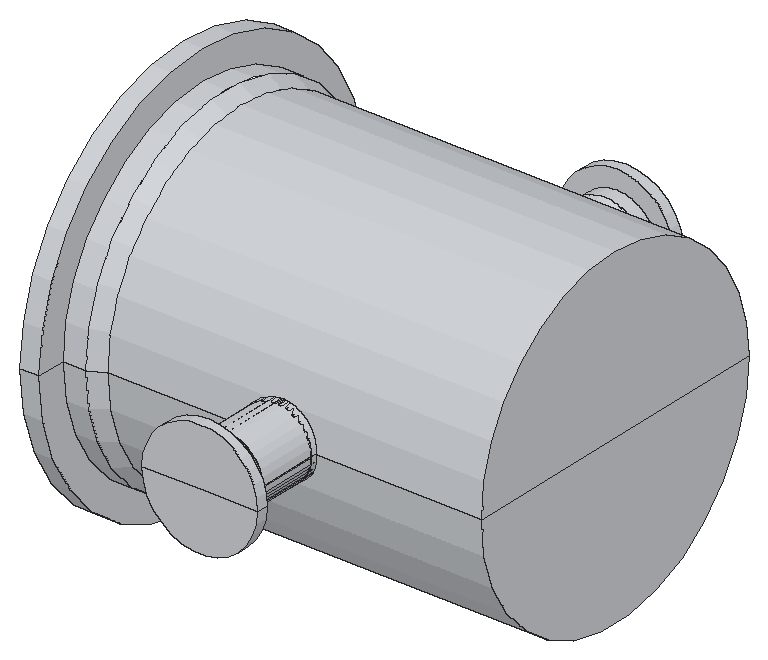
Revit family "2a3890fcba31472dbafee6d8abdcc96d", category Pipe Fittings, Revit 2021
Family settings
  Round Connector Dimension = Use Radius
  Part Type = Cross
  OmniClass Number = 23.60.30.11.14
  OmniClass Title = Pipework Fittings
  Seek Item ID = Tee - PVC - Sch 40-0000-USA-ENU
  Work Plane-Based = No
  Always vertical = Yes
  Cut with Voids When Loaded = No
  Shared = No
Parameters (values of type "Standard")
  Visibility 1 [instance] = and(Angle 1 = 90.00°, Angle 2 = 90.00°)  # yes
  Tick Size 3 [instance] = Fitting Outside Diameter 3 * 0.4  # 2.7600"
  Tick Size 2 [instance] = Fitting Outside Diameter 2 * 0.4  # 2.7600"
  Tick Size 1 [instance] = Fitting Outside Diameter 1 * 0.4  # 12.8000"
  Socket Outside Radius 3 [instance] = Socket Outside Diameter 3 / 2  # 3.8000"
  Socket Outside Radius 2 [instance] = Socket Outside Diameter 2 / 2  # 3.8000"
  Socket Outside Radius 1 [instance] = Socket Outside Diameter 1 / 2  # 16.7500"
  Socket Outside Diameter 3 [instance] = size_lookup(Lookup Table Name, "SOD", 1.08 * Nominal Diameter 3 + 1.1300", Nominal Diameter 3)  # 7.6000"
  Socket Outside Diameter 1 [instance] = size_lookup(Lookup Table Name, "SOD", 1.08 * Nominal Diameter 1 + 1.1300", Nominal Diameter 1)  # 33.5000"
  Socket Outside Diameter 2 [instance] = size_lookup(Lookup Table Name, "SOD", 1.08 * Nominal Diameter 2 + 1.1300", Nominal Diameter 2)  # 7.6000"
  Socket Depth 3 [instance] = if(Nominal Diameter 3 < 14.0000", 2.5000", if(Nominal Diameter 2 < 30.0000", 3.5000", 4.0000"))  # 2.5000"
  Socket Depth 2 [instance] = if(Nominal Diameter 2 < 14.0000", 2.5000", if(Nominal Diameter 2 < 30.0000", 3.5000", 4.0000"))  # 2.5000"
  Socket Depth 1 [instance] = if(Nominal Diameter 1 < 14.0000", 2.5000", if(Nominal Diameter 1 < 30.0000", 3.5000", 4.0000"))  # 4.0000"
  Nominal Radius 3 [instance] = 3.0000"
  Nominal Radius 2 [instance] = 3.0000"
  Nominal Diameter 3 [instance] = Nominal Radius 3 * 2  # 6.0000"
  Nominal Diameter 2 [instance] = Nominal Radius 2 * 2  # 6.0000"
  Min Nominal Diameter 23 [instance] = if(Nominal Diameter 2 < Nominal Diameter 3, Nominal Diameter 2, Nominal Diameter 3)  # 6.0000"
  Min Center to Socket Bottom 23 [instance] = if(Center to Socket Bottom 2 < Center to Socket Bottom 3, Center to Socket Bottom 2, Center to Socket Bottom 3)  # 19.3700"
  Max Nominal Diameter 23 [instance] = if(Nominal Diameter 2 > Nominal Diameter 3, Nominal Diameter 2, Nominal Diameter 3)  # 6.0000"
  Max Gland Width 24 [instance] = if(Gland Width 2 > Gland Width 3, Gland Width 2, Gland Width 3)  # 1.0600"
  Max Bevel Length 23 [instance] = if(Bevel Length 2 > Bevel Length 3, Bevel Length 2, Bevel Length 3)  # 0.7000"
  Lookup Table Name = "Cross Reducing - MJ x PE - DI - Class 250"
  Length 2 [instance] = Socket Depth 3 + Bevel Length 3  # 3.2000"
  Length 1 [instance] = Socket Depth 2 + Bevel Length 2  # 3.2000"
  Fitting Outside Radius 3 [instance] = Fitting Outside Diameter 3 / 2  # 3.4500"
  Fitting Outside Radius 2 [instance] = Fitting Outside Diameter 2 / 2  # 3.4500"
  Fitting Outside Radius 1 [instance] = Fitting Outside Diameter 1 / 2  # 16.0000"
  Fitting Outside Diameter 3 [instance] = size_lookup(Lookup Table Name, "FOD", 1.04 * Nominal Diameter 3 + 0.7000", Nominal Diameter 3)  # 6.9000"
  Fitting Outside Diameter 2 [instance] = size_lookup(Lookup Table Name, "FOD", 1.04 * Nominal Diameter 2 + 0.7000", Nominal Diameter 2)  # 6.9000"
  Fitting Outside Diameter 1 [instance] = size_lookup(Lookup Table Name, "FOD", 1.04 * Nominal Diameter 1 + 0.7000", Nominal Diameter 1)  # 32.0000"
  Nominal Radius 1 [instance] = 15.0000"
  Nominal Diameter 1 [instance] = Nominal Radius 1 * 2  # 30.0000"
  Loss Method = Not Defined
  K Coefficient Table = (empty or 0)
  Default Elevation = 0.0000"
  Bevel Length 3 [instance] = size_lookup(Lookup Table Name, "BvLgt", 0.04 * Nominal Diameter 3 + 0.4300", Nominal Diameter 3)  # 0.7000"
  Bevel Length 2 Label [instance] = if(not(Angle 2 = 90.00°), Center to End 2 Label - Length 1, Bevel Length 2)  # 0.7000"
  Bevel Length 2 [instance] = size_lookup(Lookup Table Name, "BvLgt", 0.04 * Nominal Diameter 2 + 0.4300", Nominal Diameter 2)  # 0.7000"
  Bevel Length 1 [instance] = size_lookup(Lookup Table Name, "BvLgt", 0.04 * Nominal Diameter 1 + 0.4300", Nominal Diameter 1)  # 1.5000"
  Center to Socket Bottom 4 [instance] = size_lookup(Lookup Table Name, "CtSB2", 5.3800" + 0.57 * Nominal Diameter 1 + 0.04 * Nominal Diameter 3, Nominal Diameter 1, Nominal Diameter 3)  # 23.0000"
  Center to Socket Bottom 3 [instance] = size_lookup(Lookup Table Name, "CtSB3", 0.52 * Nominal Diameter 1 + 4.9600", Nominal Diameter 1, Max Nominal Diameter 23)  # 19.3700"
  Center to Socket Bottom 2 [instance] = size_lookup(Lookup Table Name, "CtSB2", 5.3800" + 0.57 * Nominal Diameter 1 + 0.04 * Nominal Diameter 2, Nominal Diameter 1, Nominal Diameter 2)  # 23.0000"
  Center to Socket Bottom 1 [instance] = size_lookup(Lookup Table Name, "CtSB1", 4.1700" + 0.34 * Nominal Diameter 1 + 0.31 * Max Nominal Diameter 23, Nominal Diameter 1, Max Nominal Diameter 23)  # 18.0000"
  Center to End 3 Label [instance] = if((Max Center to End 24 - Max Gland Width 24) * tan(Angle 5 / 2) > Gland Outside Radius 1, Center to Socket Bottom 3, Gland Outside Radius 1 / tan(Angle 5 / 2) + Max Gland Width 24)  # 19.3700"
  Center to End 3 [instance] = Center to Socket Bottom 4 + Socket Depth 3  # 25.5000"
  Max Center to End 24 [instance] = if(Center to End 2 > Center to End 3, Center to End 2, Center to End 3)  # 25.5000"
  Center to End 2 Label [instance] = if((Max Center to End 24 - Max Gland Width 24) * tan(Angle 5 / 2) > Gland Outside Radius 1, Max Center to End 24, Gland Outside Radius 1 / tan(Angle 5 / 2) + Max Gland Width 24)  # 25.5000"
  Center to End 2 [instance] = Center to Socket Bottom 2 + Socket Depth 2  # 25.5000"
  Center to End 1 Label [instance] = if((Max Center to End 24 - Max Gland Width 24) * tan(Angle 5 / 2) > Gland Outside Radius 1, Center to End 1, Gland Outside Radius 1 / tan(Angle 5 / 2) + Max Gland Width 24)  # 22.0000"
  Center to End 1 [instance] = Center to Socket Bottom 1 + Socket Depth 1  # 22.0000"
  Center Radius Label [instance] = if(Min Center to Socket Bottom 23 - Center Radius - Max Bevel Length 23 < 0.5000", Min Center to Socket Bottom 23 - Max Bevel Length 23 - 0.5000", Center Radius)  # 16.5000"
  Center Radius [instance] = size_lookup(Lookup Table Name, "CRad", 4.4800" + 0.3 * Nominal Diameter 1 + 0.33 * Max Nominal Diameter 23, Nominal Diameter 1, Max Nominal Diameter 23)  # 16.5000"
  Gland Width 3 [instance] = size_lookup(Lookup Table Name, "GWid", 0.03 * Nominal Diameter 3 + 0.9400", Nominal Diameter 3)  # 1.0600"
  Gland Width 2 [instance] = size_lookup(Lookup Table Name, "GWid", 0.03 * Nominal Diameter 2 + 0.9400", Nominal Diameter 2)  # 1.0600"
  Gland Width 1 [instance] = size_lookup(Lookup Table Name, "GWid", 0.03 * Nominal Diameter 1 + 0.9400", Nominal Diameter 1)  # 1.8100"
  Gland Outside Radius 3 [instance] = Gland Outside Diameter 3 / 2  # 5.5600"
  Gland Outside Radius 2 [instance] = Gland Outside Diameter 2 / 2  # 5.5600"
  Gland Outside Radius 1 [instance] = Gland Outside Diameter 1 / 2  # 19.5600"
  Gland Outside Diameter 3 [instance] = size_lookup(Lookup Table Name, "GOD", 1.16 * Nominal Diameter 3 + 4.0300", Nominal Diameter 3)  # 11.1200"
  Gland Outside Diameter 2 [instance] = size_lookup(Lookup Table Name, "GOD", 1.16 * Nominal Diameter 2 + 4.0300", Nominal Diameter 2)  # 11.1200"
  Gland Outside Diameter 1 [instance] = size_lookup(Lookup Table Name, "GOD", 1.16 * Nominal Diameter 1 + 4.0300", Nominal Diameter 1)  # 39.1200"
  Angle 5 [instance] = if(tan(Angle 3 / 2) > tan(Angle 4 / 2), Angle 4, Angle 3)  # 90.00°
  Angle 4 [instance] = if(Angle 2 > 90.00°, 180.00° - Angle 2, Angle 2)  # 90.00°
  Angle 3 [instance] = if(Angle 1 > 90.00°, 180.00° - Angle 1, Angle 1)  # 90.00°
  Angle 2 [instance] = 90.00°
  Angle 1 [instance] = 90.00°
Reference planes (in)
  plane 1 "Center (Front/Back)": y = 0
  plane 2: z = 0
  plane 3 "Center (Left/Right)": x = 0
  plane 4: y = -23
  plane 5: y = 19.56
  plane 6: y = 16.75
  plane 7: y = 16
  plane 8: x = -22
  plane 9: x = -20.19
  plane 10: x = -16.5
  plane 11: x = -18
  plane 12: x = 19.37
  plane 13: y = -22.3
  plane 14: y = -16.5
  plane 15: x = -16.5
  plane 16: x = 16.5
  plane 17: z = 3.45
  plane 18: z = -3.45
  plane 19: y = 12.8
  plane 20: y = -12.8
  plane 21: y = 23
  plane 22: y = 22.3
  plane 23: y = 16.5
  plane 24: y = 12.8
  plane 25: z = 3.45
  plane 26: z = -3.45
Forms (in)
  Revolve 1, solid, detail levels fine
    sketch origin (0, 0, 0) x (1, 0, 0) y (0, 1, 0)
      loop
        line (-22, 0) -> (19.37, 0) -> (19.37, 16) -> (-16.5, 16) -> (-18, 16.75) -> (-20.19, 16.75) -> (-20.19, 19.56) -> (-22, 19.56) -> (-22, 0)
      axis (-22, 0) -> (19.37, 0)
    angle from 0 to 360
  Sweep 2, solid, visible <- "Visibility 1", detail levels fine
    path origin (0, 0, 0) x (1, 0, 0) y (0, 1, 0)
      loop
        arc (-16.5, 0) -> (-4.83274, -4.83274) -> (0, -16.5) r 16.5
        line (0, -16.5) -> (0, -22.3)
    profile origin (0, -16.5, 0) x (1, 0, 0) y (0, 0, 1)
      loop
        circle (0, 0) r 3.45
  Sweep 3, solid, visible <- "Visibility 1", detail levels fine
    path origin (0, 0, 0) x (-1, 0, 0) y (0, 1, 0)
      loop
        arc (-16.5, 0) -> (-4.83274, -4.83274) -> (0, -16.5) r 16.5
        line (0, -16.5) -> (0, -22.3)
    profile origin (0, -16.5, 0) x (1, 0, 0) y (0, 0, 1)
      loop
        circle (0, 0) r 3.45
  Extrusion 4, solid, visible <- "Visibility 1", detail levels fine
    sketch origin (0, 0, 0) x (1, 0, 0) y (0, 1, 0)
      loop
        arc (0, -16.5) -> (4.83274, -4.83274) -> (16.5, 0) r 16.5
        line (16.5, 0) -> (-16.5, 0)
        arc (-16.5, 0) -> (-4.83274, -4.83274) -> (0, -16.5) r 16.5
    from -3.45 to 3.45
  Sweep 5, solid, visible <- "Visibility 1", detail levels fine
    path origin (0, 0, 0) x (-1, 0, 0) y (0, -1, 0)
      loop
        arc (-16.5, 0) -> (-4.83274, -4.83274) -> (0, -16.5) r 16.5
    profile origin (0, 16.5, 0) x (-1, 0, 0) y (0, 0, 1)
      loop
        circle (0, 0) r 3.45
  Extrusion 6, solid, visible <- "Visibility 1", detail levels fine
    sketch origin (0, 0, 0) x (1, 0, 0) y (0, 1, 0)
      loop
        arc (0, 16.5) -> (-4.83274, 4.83274) -> (-16.5, 0) r 16.5
        line (-16.5, 0) -> (16.5, 0)
        arc (16.5, 0) -> (4.83274, 4.83274) -> (0, 16.5) r 16.5
    from -3.45 to 3.45
  Sweep 7, solid, visible <- "Visibility 1", detail levels fine
    path origin (0, 0, 0) x (1, 0, 0) y (0, -1, 0)
      loop
        arc (-16.5, 0) -> (-4.83274, -4.83274) -> (0, -16.5) r 16.5
    profile origin (0, 16.5, 0) x (-1, 0, 0) y (0, 0, 1)
      loop
        circle (0, 0) r 3.45
  Revolve 8, solid, detail levels fine
    sketch origin (0, 0, 0) x (0, -1, 0) y (1, 0, 0)
      loop
        line (25.5, 0) -> (0, 0) -> (0, -3.45) -> (22.3, -3.45) -> (23, -3.8) -> (24.44, -3.8) -> (24.44, -5.56) -> (25.5, -5.56) -> (25.5, 0)
      axis (0, 0) -> (25.5, 0)
    angle from 0 to 360
  Revolve 9, solid, detail levels fine
    sketch origin (0, 0, 0) x (0, 1, 0) y (-1, 0, 0)
      loop
        line (25.5, 0) -> (25.5, 5.56) -> (24.44, 5.56) -> (24.44, 3.8) -> (23, 3.8) -> (22.3, 3.45) -> (0, 3.45) -> (0, 0) -> (25.5, 0)
      axis (0, 0) -> (25.5, 0)
    angle from 0 to 360
Lines and regions (in)
  model lines, detail levels coarse+medium
    curve 1: line (-22, 12.8, 0) -> (-22, -12.8, 0)
    curve 2: line (19.37, 12.8, 0) -> (19.37, -12.8, 0)
    curve 6: line (-2.76, -25.5, 0) -> (2.76, -25.5, 0)
    curve 8: line (-2.76, 25.5, 0) -> (2.76, 25.5, 0)
  model lines, style "PipeFitting", detail levels coarse+medium
    curve 3: line (-22, 0, 0) -> (19.37, 0, 0)
    curve 7: line (0, 0, 0) -> (0, -25.5, 0)
    curve 9: line (0, 0, 0) -> (0, 25.5, 0)
  reference lines, not visible
    curve 4: line (0, 0, 0) -> (0, -25.5, 0)
    curve 5: line (0, 0, 0) -> (0, 25.5, 0)
Dimensions and locks (in)
  "Center to Socket Bottom 2": plane 4 to plane 1 "Center (Front/Back)"
  "Fitting Outside Radius 1": plane 7 to plane 1 "Center (Front/Back)"
  "Socket Outside Radius 1": plane 6 to plane 1 "Center (Front/Back)"
  "Gland Outside Radius 1": plane 5 to plane 1 "Center (Front/Back)"
  "Gland Width 1": plane 8 to plane 9
  "Socket Depth 1": plane 8 to plane 11
  "Bevel Length 1": plane 11 to plane 10
  "Bevel Length 2": plane 13 to plane 4
  "Center Radius Label": plane 1 "Center (Front/Back)" to plane 14
  "Center Radius Label": plane 15 to plane 3 "Center (Left/Right)"
  "Center Radius Label": plane 3 "Center (Left/Right)" to plane 16
  "Fitting Outside Radius 2": plane 17 to plane 2
  "Fitting Outside Radius 2": plane 18 to level
  "Tick Size 1": plane 1 "Center (Front/Back)" to plane 20
  "Tick Size 1": plane 19 to plane 1 "Center (Front/Back)"
  "Center to Socket Bottom 4": plane 21 to plane 1 "Center (Front/Back)"
  "Bevel Length 3": plane 22 to plane 21
  "Center Radius Label": plane 1 "Center (Front/Back)" to plane 23
  "Tick Size 1": plane 1 "Center (Front/Back)" to plane 24
  "Fitting Outside Radius 3": plane 2 to plane 26
  "Fitting Outside Radius 3": plane 25 to plane 2
  "Center to End 1 Label": plane 8 to plane 3 "Center (Left/Right)"
  "Center to End 3 Label": plane 3 "Center (Left/Right)" to plane 12
  "Center to End 2 Label": curve 4 to curve 4
  "Center to End 2 Label": curve 5 to curve 5
  "Tick Size 2": curve 6 to curve 4
  "Tick Size 2": curve 4 to curve 6
  "Center to End 2 Label": curve 7 to curve 7
  "Center to End 2 Label": Revolve 8 sketch curve to Revolve 8 sketch curve
  "Gland Outside Radius 2": Revolve 8 sketch curve to Revolve 8 sketch curve
  "Socket Outside Radius 2": Revolve 8 sketch curve to Revolve 8 sketch curve
  "Gland Width 2": Revolve 8 sketch curve to Revolve 8 sketch curve
  "Socket Depth 2": Revolve 8 sketch curve to Revolve 8 sketch curve
  "Fitting Outside Radius 2": Revolve 8 sketch curve to Revolve 8 sketch curve
  "Length 1": Revolve 8 sketch curve to Revolve 8 sketch curve
  "Tick Size 3": curve 8 to curve 5
  "Tick Size 3": curve 5 to curve 8
  "Center to End 2 Label": curve 9 to curve 9
  "Center to End 2 Label": Revolve 9 sketch curve to Revolve 9 sketch curve
  "Socket Outside Radius 3": Revolve 9 sketch curve to Revolve 9 sketch curve
  "Gland Outside Radius 3": Revolve 9 sketch curve to Revolve 9 sketch curve
  "Fitting Outside Radius 3": Revolve 9 sketch curve to Revolve 9 sketch curve
  "Gland Width 3": Revolve 9 sketch curve to Revolve 9 sketch curve
  "Socket Depth 3": Revolve 9 sketch curve to Revolve 9 sketch curve
  "Length 2": Revolve 9 sketch curve to Revolve 9 sketch curve
  "Center Radius Label": radius of Sweep 2 sketch curve
  "Fitting Outside Radius 2": radius of Sweep 2 sketch curve
  "Center Radius Label": radius of Sweep 3 sketch curve
  "Fitting Outside Radius 2": radius of Sweep 3 sketch curve
  "Center Radius Label": radius of Extrusion 4 sketch curve  (x2)
  "Center Radius Label": radius of Sweep 5 sketch curve
  "Fitting Outside Radius 3": radius of Sweep 5 sketch curve
  "Center Radius Label": radius of Extrusion 6 sketch curve  (x2)
  "Center Radius Label": radius of Sweep 7 sketch curve
  "Fitting Outside Radius 3": radius of Sweep 7 sketch curve
  "Angle 1": angle curve 4 to plane 1 "Center (Front/Back)"
  "Angle 2": angle plane 1 "Center (Front/Back)" to curve 5
  locked: curve 4 to curve 6 (angle 90.00°)
  "Angle 1": angle curve 7 to plane 1 "Center (Front/Back)"
  "Angle 1": angle Revolve 8 sketch curve to plane 1 "Center (Front/Back)"
  locked: curve 5 to curve 8 (angle 90.00°)
  "Angle 2": angle plane 1 "Center (Front/Back)" to curve 9
  "Angle 2": angle plane 1 "Center (Front/Back)" to Revolve 9 sketch curve
  aligned and locked: plane 1 "Center (Front/Back)" to Revolve 1 sketch curve
  aligned and locked: plane 8 to Revolve 1 sketch curve
  aligned and locked: Revolve 1 sketch curve to plane 5
  aligned and locked: Revolve 1 sketch curve to plane 7
  aligned and locked: Revolve 1 sketch curve to plane 6
  aligned and locked: Revolve 1 sketch curve to plane 12
  aligned and locked: Revolve 1 sketch curve to plane 9
  aligned and locked: Revolve 1 sketch curve to Revolve 1 sketch curve
  aligned and locked: plane 11 to Revolve 1 sketch curve
  aligned and locked: plane 10 to Revolve 1 sketch curve
  aligned and locked: plane 14 to Sweep 2 sketch curve
  aligned and locked: plane 15 to Sweep 2 sketch curve
  aligned and locked: plane 16 to Sweep 3 sketch curve
  aligned and locked: plane 14 to Sweep 3 sketch curve
  aligned and locked: plane 15 to Extrusion 4 sketch curve  (x2)
  aligned and locked: plane 14 to Extrusion 4 sketch curve  (x3)
  aligned and locked: plane 16 to Extrusion 4 sketch curve  (x2)
  aligned and locked: plane 1 "Center (Front/Back)" to Extrusion 4 sketch curve
  aligned and locked: plane 18 to Extrusion 4
  aligned and locked: plane 17 to Extrusion 4
  aligned and locked: plane 20 to curve 2
  aligned and locked: plane 19 to curve 2
  aligned and locked: curve 2 to plane 12
  aligned and locked: plane 20 to curve 1
  aligned and locked: plane 19 to curve 1
  aligned and locked: curve 1 to plane 8
  aligned and locked: plane 1 "Center (Front/Back)" to curve 3
  aligned and locked: plane 8 to curve 3
  aligned and locked: plane 12 to curve 3
  aligned and locked: plane 26 to Extrusion 6
  aligned and locked: plane 25 to Extrusion 6
  aligned and locked: plane 13 to Sweep 2 sketch curve
  aligned and locked: plane 3 "Center (Left/Right)" to curve 5
  aligned and locked: plane 1 "Center (Front/Back)" to curve 5
  aligned and locked: curve 6 to curve 4
  aligned and locked: plane 3 "Center (Left/Right)" to curve 7
  aligned and locked: plane 1 "Center (Front/Back)" to curve 7
  aligned and locked: plane 3 "Center (Left/Right)" to Revolve 8 sketch curve
  aligned and locked: plane 1 "Center (Front/Back)" to Revolve 8 sketch curve
  aligned and locked: Revolve 8 sketch curve to Revolve 8 sketch curve  (x3)
  aligned and locked: plane 3 "Center (Left/Right)" to curve 9
  aligned and locked: plane 1 "Center (Front/Back)" to curve 9
  aligned and locked: plane 3 "Center (Left/Right)" to Revolve 9 sketch curve
  aligned and locked: plane 1 "Center (Front/Back)" to Revolve 9 sketch curve
  aligned and locked: Revolve 9 sketch curve to Revolve 9 sketch curve  (x3)
  aligned and locked: plane 13 to Sweep 3 sketch curve
  aligned and locked: plane 15 to Sweep 7 sketch curve
Automatic sketch dimensions
  Revolve 1 sketch curve to plane 8 = 1.01143"
  Revolve 1 sketch curve to plane 12 = 1.76143"
  Sweep 2 sketch curve to level = 0.0000"
  profile plane to Sweep 2 sketch curve = 0.0000"
  Sweep 3 sketch curve to level = 0.0000"
  profile plane to Sweep 3 sketch curve = 0.0000"
  Sweep 5 sketch curve to level = 0.0000"
  Sweep 5 sketch curve to profile plane = 0.0000"
  plane 1 "Center (Front/Back)" to Extrusion 6 sketch curve = 0.0000"
  Extrusion 6 sketch curve to plane 15 = 0.0000"
  Extrusion 6 sketch curve to plane 3 "Center (Left/Right)" = 0.0000"
  Sweep 7 sketch curve to level = 0.0000"
  Sweep 7 sketch curve to profile plane = 0.0000"
  plane 1 "Center (Front/Back)" to Sweep 5 sketch curve = 0.0000"
  plane 1 "Center (Front/Back)" to Sweep 7 sketch curve = 0.0000"
  Sweep 5 sketch curve to plane 16 = 0.0000"
Connectors (in)
  piping at (-22, 0, 0), diameter 30, driven by "Nominal Radius 1"
    settings: on Revolve 1, index 1, connector inside diameter 30.0000", connector length 0.0000", flow factor 0, pipe flow 0 GPM, pressure drop 0.00 psi, fitting loss kfactor 0, connector angle 0.00°, fixture units 0, engagement length 0.0000", angle of deflection 0.00°, flow configuration 0, flow direction 0, fitting loss method 0, system type 28, joint type 0, gender type 0, connector reference index 2, connector utility 0, adjustable connector no, is connector primary yes, connector description ""
  piping at (19.37, 0, 0), diameter 30, driven by "Nominal Radius 1"
    settings: on Revolve 1, index 2, connector inside diameter 30.0000", connector length 0.0000", flow factor 0, pipe flow 0 GPM, pressure drop 0.00 psi, fitting loss kfactor 0, connector angle 0.00°, fixture units 0, engagement length 0.0000", angle of deflection 0.00°, flow configuration 0, flow direction 0, fitting loss method 0, system type 28, joint type 0, gender type 0, connector reference index 1, connector utility 0, adjustable connector no, is connector primary no, connector description ""
  piping at (0, -25.5, 0), diameter 6, driven by "Nominal Radius 2", driven by "Angle 1"
    settings: on Revolve 8, index 3, connector inside diameter 6.0000", connector length 0.0000", flow factor 0, pipe flow 0 GPM, pressure drop 0.00 psi, fitting loss kfactor 0, connector angle 90.00°, fixture units 0, engagement length 0.0000", angle of deflection 0.00°, flow configuration 0, flow direction 0, fitting loss method 0, system type 28, joint type 0, gender type 0, connector reference index 4, connector utility 0, adjustable connector no, is connector primary no, connector description ""
  piping at (0, 25.5, 0), diameter 6, driven by "Nominal Radius 3", driven by "Angle 2"
    settings: on Revolve 9, index 4, connector inside diameter 6.0000", connector length 0.0000", flow factor 0, pipe flow 0 GPM, pressure drop 0.00 psi, fitting loss kfactor 0, connector angle 90.00°, fixture units 0, engagement length 0.0000", angle of deflection 0.00°, flow configuration 0, flow direction 0, fitting loss method 0, system type 28, joint type 0, gender type 0, connector reference index 3, connector utility 0, adjustable connector no, is connector primary no, connector description ""
